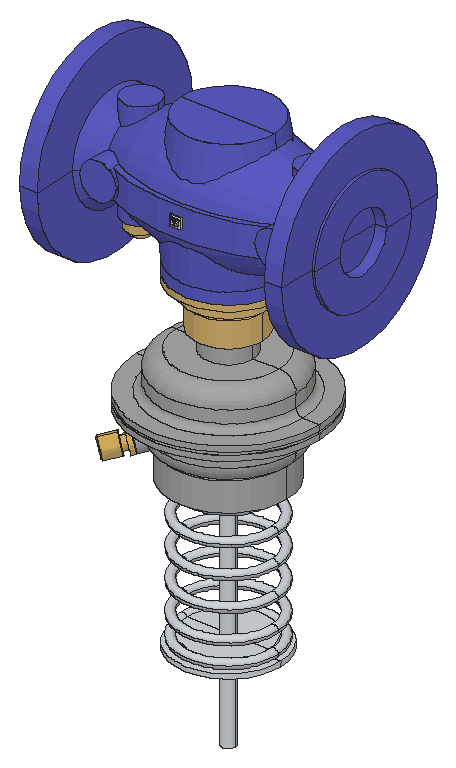
Revit family "Differenzdruckregler F_4007_HT_50-150kPa", category Rohrzubehör, Revit 2020
Family settings
  Bemaßung runder Anschluss = Durchmesser verwenden
  Teiletyp = Unterbricht
  OmniClass-Nummer = 23.65.55.14
  OmniClass-Titel = Valves for Liquid Services
  Arbeitsebenenbasiert = Nein
  Immer vertikal = Ja
  Beim Laden mit Abzugskörper schneiden = Nein
  Gemeinsam genutzt = Nein
Parameters
  Vorgabe-Ansicht = 0 mm
  Min. Betriebstemperatur (Frostschutz) = -10 °C  # constant formula
  Min. Betriebstemperatur = 2 °C  # constant formula
  Max. Betriebsdruck = 1600000.0 Pa  # constant formula
  Max. Betriebstemperatur = 150 °C  # constant formula
  URL = "www.herz-armaturen.at"
  Sollwertfeder = "EN 10270-1-SH"  # constant formula
  SCRNSEQ = "ARM;ARM_TYP=\"DIFR\";2"
  SCRNCODE = "05;03;02"  # constant formula
  S02 [instance] = H03 + H13  # 122 mm
  S01 [instance] = (2 * H02) + (2 * H04) + H05  # 72.7 mm
  R99 = 14 mm  # constant formula
  R98 = 6 mm  # constant formula
  R97 = 2 mm  # constant formula
  R02 = 15.5 mm  # constant formula
  R01 [instance] = size_lookup("4007_F_HT50-150", "R1", 45.5 mm, Nennweite)  # 45.5 mm
  R00 [instance] = size_lookup("4007_F_HT50-150", "R", 53 mm, Nennweite)  # 53 mm
  Nennweite [instance] = 50 mm
  Membrane und O-RInge = "EPDM"  # constant formula
  Medium = "Die Verwendung von Ethylen- und Propylenglykol ist im Mischungsverhältnis 25 - 50 % zulässig. Heizwasserqualität entsprechend ÖNORM H 5195 bzw. VDI-Richtlinie 2035"
  L05 [instance] = L04 - 6.3 mm  # 74.7 mm
  L04 [instance] = size_lookup("4007_F_HT50-150", "L4", 81 mm, Nennweite)  # 81 mm
  L03 = 10 mm  # constant formula
  L02 [instance] = size_lookup("4007_F_HT50-150", "L2", 15 mm, Nennweite)  # 15 mm
  L01 = 3 mm  # constant formula
  L00 [instance] = size_lookup("4007_F_HT50-150", "L", 115 mm, Nennweite)  # 115 mm
  Hersteller = "HERZ Armaturen Ges.m.b.H."  # constant formula
  H19 [instance] = size_lookup("4007_F_HT50-150", "H19", 9 mm, Nennweite)  # 424 mm
  H18 [instance] = H19 - 75 mm  # 349 mm
  H17 = 6 mm  # constant formula
  H16 = 10 mm  # constant formula
  H15 = 24.5 mm  # constant formula
  H14 = 5 mm  # constant formula
  H13 = 17 mm  # constant formula
  H12 [instance] = R00 + 4 mm  # 57 mm
  H11 [instance] = R00 + 10 mm  # 63 mm
  H10 = 5 mm  # constant formula
  H09 [instance] = size_lookup("4007_F_HT50-150", "H9", 9 mm, Nennweite)  # 9 mm
  H08 = 21 mm  # constant formula
  H07 [instance] = R00 + 23.4 mm  # 76.4 mm
  H06 [instance] = D12 + 15 mm  # 45.5 mm
  H05 = 2.5 mm  # constant formula
  H04 = 4.6 mm  # constant formula
  H03 [instance] = H08 + H09 + H10 + H11 + H14 + R97  # 105 mm
  H02 [instance] = size_lookup("4007_F_HT50-150", "H2", 30.5 mm, Nennweite)  # 30.5 mm
  H01 [instance] = size_lookup("4007_F_HT50-150", "H1", 210 mm, Nennweite)  # 205 mm
  Gehäuse = "Grauguss GJL250 nach EN 1561"  # constant formula
  Differenzdruck Einstellbereich = "50-150 kPa"  # constant formula
  DN65 [instance] = Nennweite = 65 mm  # no
  DN50 [instance] = Nennweite = 50 mm  # yes
  D17 = 6 mm  # constant formula
  D16 = 45 mm  # constant formula
  D15 = 35 mm  # constant formula
  D14 = 50 mm  # constant formula
  D13 [instance] = D11 + 10 mm  # 50 mm
  D12 [instance] = R01 - 15 mm  # 30.5 mm
  D11 [instance] = size_lookup("4007_F_HT50-150", "D11", 40 mm, Nennweite)  # 40 mm
  D10 [instance] = D11 + 5 mm  # 45 mm
  D09 [instance] = D11 - 5 mm  # 35 mm
  D08 = 24 mm  # constant formula
  D07 = 29.5 mm  # constant formula
  D06 [instance] = size_lookup("4007_F_HT50-150", "D6", 51 mm, Nennweite)  # 57.8 mm
  D05 [instance] = D04 - 1 mm  # 77 mm
  D04 [instance] = size_lookup("4007_F_HT50-150", "D4", 51 mm, Nennweite)  # 78 mm
  D03 = 21 mm  # constant formula
  D02 [instance] = Nennweite / 2  # 25 mm
  D01 [instance] = size_lookup("4007_F_HT50-150", "D1", 51 mm, Nennweite)  # 51 mm
  D00 [instance] = size_lookup("4007_F_HT50-150", "D", 82.5 mm, Nennweite)  # 82.5 mm
  Bestellnummer [instance] = if(Nennweite = 50 mm, "F400756", if(Nennweite = 65 mm, "F400757", "0"))  # "F400756"
  Ausführung = "Der Differenzdruckregler ist ein Proportionalregler in Geradsitzausführung und arbeitet ohne Hilfsenergie für Zweirohranlagen. Der gewünschte Differenzdruck- Sollwert kann zwischen 50 und 150 kPa stufenlos eingestellt werden."
  Anwendung = "Für Heizungs- und Kühlanlagen um den Differenzdruck innerhalb des regeltechnischen Bereiches konstant zu halten."
  Anschlussflansch = "EN 1092-2"  # constant formula
Reference planes
  plane 1 "Mitte (Vorne/hinten)": y = 0
  plane 2: z = -0.015
  plane 3 "Mitte (Links/rechts)": x = 0
Forms (mm)
  Revolve 1, solid, material "Herz-Marineblau", detail levels fine
    sketch origin (1065, 0, 0) x (1, 0, 0) y (0, 1, 0)
      loop
        line (-1177, 82.5) -> (-1177, 51) -> (-1180, 51) -> (-1180, 25) -> (-1170, 25) -> (-1170, 0) -> (-960, 0) -> (-960, 25) -> (-950, 25) -> (-950, 51) -> (-953, 51) -> (-953, 82.5) -> (-968, 82.5) -> (-968, 45.5) -> (-984, 30.5)
        arc (-984, 30.5) -> (-1065, 53) -> (-1146, 30.5) r 157.05
        line (-1146, 30.5) -> (-1162, 45.5) -> (-1162, 82.5) -> (-1177, 82.5)
      axis (-1180, 0) -> (-950, 0)
    angle from 0 to 360
  Extrusion 2, solid, material "Herz-Marineblau", detail levels fine
    sketch origin (0, 0, 0) x (1, 0, 0) y (0, 1, 0)
      loop
        circle (-74.7, 0) r 15.5
      loop
        circle (74.7, 0) r 15.5
    from -45.515 to 45.485
  Extrusion 3, solid, material "Herz-Marineblau", detail levels fine
    sketch origin (0, 0, 0) x (-1, 0, 0) y (0, 0, -1)
      loop
        circle (74.7, 0) r 15.5
      loop
        circle (-74.7, 0) r 15.5
    from -45.5 to 45.5
  Revolve 4, solid, material "Herz-Marineblau", detail levels fine
    sketch origin (92.737, 0, -45.97) x (1, 0, 0) y (0, 0, 1)
      loop
        line (-92.737, 102.955) -> (-92.737, -17.045) -> (-47.737, -17.045) -> (-47.737, -7.045) -> (-42.737, 45.97) -> (-52.737, 102.955) -> (-92.737, 102.955)
      axis (-92.737, 102.955) -> (-92.737, -17.045)
    angle from 0 to 360
  Revolve 5, solid, material "Messing", detail levels fine
    sketch origin (446.725, 0, 35.707) x (1, 0, 0) y (0, 0, 1)
      loop
        line (-446.725, -98.722) -> (-446.725, -140.722) -> (-417.225, -140.722) -> (-417.225, -119.722) -> (-422.725, -119.722) -> (-422.725, -114.722) -> (-411.725, -114.722) -> (-411.725, -105.722)
        arc (-411.725, -105.722) -> (-411.14, -104.308) -> (-409.725, -103.722) r 2
        line (-409.725, -103.722) -> (-401.725, -103.722) -> (-401.725, -98.722) -> (-446.725, -98.722)
      axis (-446.725, -140.722) -> (-446.725, -98.722)
    angle from 0 to 360
  Revolve 6, solid, material "Aluminium", detail levels fine
    sketch origin (925.114, 0, 19.41) x (1, 0, 0) y (0, 0, 1)
      loop
        line (-925.114, -124.425) -> (-925.114, -238.625) -> (-875.114, -238.625) -> (-875.114, -214.125) -> (-881.314, -214.125)
        arc (-881.314, -214.125) -> (-871.414, -210.025) -> (-867.314, -200.125) r 14
        line (-867.314, -200.125) -> (-867.314, -189.625)
        arc (-867.314, -189.625) -> (-865.556, -185.383) -> (-861.314, -183.625) r 6
        line (-861.314, -183.625) -> (-847.114, -183.625) -> (-847.114, -179.025) -> (-848.114, -179.025) -> (-848.114, -176.525) -> (-847.114, -176.525) -> (-847.114, -171.925) -> (-861.314, -171.925)
        arc (-861.314, -171.925) -> (-865.556, -170.168) -> (-867.314, -165.925) r 6
        line (-867.314, -165.925) -> (-867.314, -155.425)
        arc (-867.314, -155.425) -> (-871.414, -145.526) -> (-881.314, -141.425) r 14
        line (-881.314, -141.425) -> (-904.114, -141.425) -> (-904.114, -124.425) -> (-925.114, -124.425)
      axis (-925.114, -124.425) -> (-925.114, -238.625)
    angle from 0 to 360
  Extrusion 7, solid, material "Herz-Marineblau", visible <- "DN50", detail levels fine
    sketch origin (0, 0, 0) x (1, 0, 0) y (0, 1, 0)
      loop
        arc (-74.7, -37.498) -> (0, -56) -> (74.7, -37.498) r 160.05
        line (74.7, -37.498) -> (74.7, 37.498)
        arc (74.7, 37.498) -> (0, 56) -> (-74.7, 37.498) r 160.05
        line (-74.7, 37.498) -> (-74.7, -37.498)
    from -12.5 to 12.5
  Extrusion 8, solid, material "Herz-Marineblau", visible <- "DN65", detail levels fine
    sketch origin (0, 0, 0) x (1, 0, 0) y (0, 1, 0)
      loop
        arc (-104.7, -46.589) -> (0, -68) -> (104.7, -46.589) r 266.699
        line (104.7, -46.589) -> (104.7, 46.589)
        arc (104.7, 46.589) -> (0, 68) -> (-104.7, 46.589) r 266.699
        line (-104.7, 46.589) -> (-104.7, -46.589)
    from -12.5 to 12.5
  Revolve 9, solid, detail levels fine
    sketch origin (0, 0, 0) x (1, 0, 0) y (0, 0, 1)
      loop
        line (0, -349.015) -> (45, -349.015) -> (45, -345.015) -> (35, -345.015) -> (35, -339.015) -> (0, -339.015) -> (0, -349.015)
      axis (0, -339.015) -> (0, -349.015)
    angle from 0 to 360
  Revolve 10, solid, detail levels fine
    sketch origin (0, 0, 0) x (1, 0, 0) y (0, 0, 1)
      loop
        line (0, -214.615) -> (0, -424.015) -> (6, -424.015) -> (6, -214.615) -> (0, -214.615)
      axis (0, -214.615) -> (0, -424.015)
    angle from 0 to 360
  Sweep 11, solid, visible <- "DN50", detail levels fine
    path in 3D
      loop
        arc (-39, 0, -222.715) -> (0, -39, -222.715) -> (39, 0, -222.715) r 39
        arc (39, 0, -222.715) -> (0, 39, -222.715) -> (-39, 0, -222.715) r 39
    profile origin (0, 39, -222.715) x (0, -1, 0) y (0, 0, 1)
      loop
        circle (0, 0) r 3.5
  Sweep 12, solid, visible <- "DN65", detail levels fine
    path in 3D
      loop
        arc (-39, 0, -234.715) -> (0, -39, -234.715) -> (39, 0, -234.715) r 39
        arc (39, 0, -234.715) -> (0, 39, -234.715) -> (-39, 0, -234.715) r 39
    profile origin (0, 39, -234.715) x (0, -1, 0) y (0, 0, 1)
      loop
        circle (0, 0) r 3.5
  Sweep 13, solid, visible <- "DN50", detail levels fine
    path in 3D
      loop
        arc (-39, 0, -247.715) -> (0, -39, -247.715) -> (39, 0, -247.715) r 39
        arc (39, 0, -247.715) -> (0, 39, -247.715) -> (-39, 0, -247.715) r 39
    profile origin (0, 39, -247.715) x (0, -1, 0) y (0, 0, 1)
      loop
        circle (0, 0) r 3.5
  Sweep 14, solid, visible <- "DN50", detail levels fine
    path in 3D
      loop
        arc (-39, 0, -272.715) -> (0, -39, -272.715) -> (39, 0, -272.715) r 39
        arc (39, 0, -272.715) -> (0, 39, -272.715) -> (-39, 0, -272.715) r 39
    profile origin (0, 39, -272.715) x (0, -1, 0) y (0, 0, 1)
      loop
        circle (0, 0) r 3.5
  Sweep 15, solid, visible <- "DN50", detail levels fine
    path in 3D
      loop
        arc (-39, 0, -297.715) -> (0, -39, -297.715) -> (39, 0, -297.715) r 39
        arc (39, 0, -297.715) -> (0, 39, -297.715) -> (-39, 0, -297.715) r 39
    profile origin (0, 39, -297.715) x (0, -1, 0) y (0, 0, 1)
      loop
        circle (0, 0) r 3.5
  Sweep 16, solid, visible <- "DN50", detail levels fine
    path in 3D
      loop
        arc (-39, 0, -322.715) -> (0, -39, -322.715) -> (39, 0, -322.715) r 39
        arc (39, 0, -322.715) -> (0, 39, -322.715) -> (-39, 0, -322.715) r 39
    profile origin (0, 39, -322.715) x (0, -1, 0) y (0, 0, 1)
      loop
        circle (0, 0) r 3.5
  Sweep 17, solid, visible <- "DN50", detail levels fine
    path in 3D
      loop
        arc (-39, 0, -340.715) -> (0, -39, -340.715) -> (39, 0, -340.715) r 39
        arc (39, 0, -340.715) -> (0, 39, -340.715) -> (-39, 0, -340.715) r 39
    profile origin (0, 39, -340.715) x (0, -1, 0) y (0, 0, 1)
      loop
        circle (0, 0) r 3.5
  Sweep 18, solid, visible <- "DN65", detail levels fine
    path in 3D
      loop
        arc (-39, 0, -259.715) -> (0, -39, -259.715) -> (39, 0, -259.715) r 39
        arc (39, 0, -259.715) -> (0, 39, -259.715) -> (-39, 0, -259.715) r 39
    profile origin (0, 39, -259.715) x (0, -1, 0) y (0, 0, 1)
      loop
        circle (0, 0) r 3.5
  Sweep 19, solid, visible <- "DN65", detail levels fine
    path in 3D
      loop
        arc (-39, 0, -284.715) -> (0, -39, -284.715) -> (39, 0, -284.715) r 39
        arc (39, 0, -284.715) -> (0, 39, -284.715) -> (-39, 0, -284.715) r 39
    profile origin (0, 39, -284.715) x (0, -1, 0) y (0, 0, 1)
      loop
        circle (0, 0) r 3.5
  Sweep 20, solid, visible <- "DN65", detail levels fine
    path in 3D
      loop
        arc (-39, 0, -309.715) -> (0, -39, -309.715) -> (39, 0, -309.715) r 39
        arc (39, 0, -309.715) -> (0, 39, -309.715) -> (-39, 0, -309.715) r 39
    profile origin (0, 39, -309.715) x (0, -1, 0) y (0, 0, 1)
      loop
        circle (0, 0) r 3.5
  Sweep 21, solid, visible <- "DN65", detail levels fine
    path in 3D
      loop
        arc (-39, 0, -334.715) -> (0, -39, -334.715) -> (39, 0, -334.715) r 39
        arc (39, 0, -334.715) -> (0, 39, -334.715) -> (-39, 0, -334.715) r 39
    profile origin (0, 39, -334.715) x (0, -1, 0) y (0, 0, 1)
      loop
        circle (0, 0) r 3.5
  Sweep 22, solid, visible <- "DN65", detail levels fine
    path in 3D
      loop
        arc (-39, 0, -341.715) -> (0, -39, -341.715) -> (39, 0, -341.715) r 39
        arc (39, 0, -341.715) -> (0, 39, -341.715) -> (-39, 0, -341.715) r 39
    profile origin (0, 39, -341.715) x (0, -1, 0) y (0, 0, 1)
      loop
        circle (0, 0) r 3.5
  Revolve 23, solid, material "Messing, weicher Gelbton, geschweißt", visible <- "DN50", detail levels fine
    sketch origin (4.769, 5.029, 17.574) x (-0.707107, -0.707107, 0) y (0, 0, -1)
      loop
        line (70.524, 205.006) -> (72.604, 195.224) -> (76.516, 196.056) -> (75.643, 200.164) -> (80.534, 201.204) -> (81.133, 198.384) -> (94.817, 201.293) -> (95.511, 202.887) -> (94, 209.996) -> (70.524, 205.006)
      axis (94, 209.996) -> (70.524, 205.006)
    angle from 0 to 360
  Revolve 24, solid, material "Aluminium", visible <- "DN50", detail levels fine
    sketch origin (-31.293, -31.034, 6.734) x (-0.707107, -0.707107, 0) y (0, 0, -1)
      loop
        line (19.524, 194.165) -> (-44.055, 180.651) -> (-42.08, 171.359) -> (21.5, 184.873) -> (19.524, 194.165)
      axis (-44.055, 180.651) -> (19.524, 194.165)
    angle from 0 to 360
  Revolve 25, solid, material "Messing, weicher Gelbton, geschweißt", visible <- "DN65", detail levels fine
    sketch origin (4.769, 5.029, 5.574) x (-0.707107, -0.707107, 0) y (0, 0, -1)
      loop
        line (70.524, 205.006) -> (72.604, 195.224) -> (76.516, 196.056) -> (75.643, 200.164) -> (80.534, 201.204) -> (81.133, 198.384) -> (94.817, 201.293) -> (95.511, 202.887) -> (94, 209.996) -> (70.524, 205.006)
      axis (94, 209.996) -> (70.524, 205.006)
    angle from 0 to 360
  Revolve 26, solid, material "Aluminium", visible <- "DN65", detail levels fine
    sketch origin (-31.293, -31.034, -5.266) x (-0.707107, -0.707107, 0) y (0, 0, -1)
      loop
        line (19.524, 194.165) -> (-44.055, 180.651) -> (-42.08, 171.359) -> (21.5, 184.873) -> (19.524, 194.165)
      axis (-44.055, 180.651) -> (19.524, 194.165)
    angle from 0 to 360
  Revolve 27, solid, material "Messing, weicher Gelbton, geschweißt", detail levels fine
    sketch origin (30, 0, 10) x (1, 0, 0) y (0, 0, 1)
      loop
        line (-104.7, -55.515) -> (-116.7, -55.515) -> (-116.7, -64.515) -> (-113.7, -64.515) -> (-113.7, -68.015) -> (-104.7, -68.015) -> (-104.7, -55.515)
      axis (-104.7, -68.015) -> (-104.7, -55.515)
    angle from 0 to 360
  Revolve 28, solid, material "Messing, weicher Gelbton, geschweißt", detail levels fine
    sketch origin (-30, 0, 10) x (-1, 0, 0) y (0, 0, -1)
      loop
        line (-104.7, 55.515) -> (-104.7, 68.015) -> (-113.7, 68.015) -> (-113.7, 64.515) -> (-116.7, 64.515) -> (-116.7, 55.515) -> (-104.7, 55.515)
      axis (-104.7, 68.015) -> (-104.7, 55.515)
    angle from 0 to 360
Lines and regions (mm)
  model lines, detail levels coarse+medium
    curve 1: line (-115, 0, 82.485) -> (-115, 0, -82.515)
    curve 2: line (-115, 0, -82.515) -> (115, 0, 82.485)
    curve 3: line (115, 0, 82.485) -> (115, 0, -82.515)
    curve 4: line (115, 0, -82.515) -> (-115, 0, 82.485)
    curve 5: line (-57.5, 0, -41.265) -> (0, 0, -82.515)
    curve 6: line (0, 0, -82.515) -> (57.5, 0, -41.265)
    curve 7: line (0, 0, -82.515) -> (0, 0, -122.015)
    curve 8: spline (-78, 0, -158.365) -> (-75.342, 0, -148.957) -> (-67.55, 0, -140.19) -> (-55.154, 0, -132.662) -> (-39, 0, -126.885) -> (-20.188, 0, -123.254) -> (0, 0, -122.015) -> (20.188, 0, -123.254) -> (39, 0, -126.885) -> (55.154, 0, -132.662) -> (67.55, 0, -140.19) -> (75.342, 0, -148.957) -> (78, 0, -158.365) -> (75.342, 0, -167.773) -> (67.55, 0, -176.54) -> (55.154, 0, -184.069) -> (39, 0, -189.845) -> (20.188, 0, -193.477) -> (0, 0, -194.715) -> (-20.188, 0, -193.477) -> (-39, 0, -189.845) -> (-55.154, 0, -184.069) -> (-67.55, 0, -176.54) -> (-75.342, 0, -167.773) -> (-78, 0, -158.365)
    curve 9: line (-115, -82.5, 0) -> (-115, 82.5, 0)
    curve 10: line (-115, 82.5, 0) -> (115, -82.5, 0)
    curve 11: line (115, -82.5, 0) -> (115, 82.5, 0)
    curve 12: line (115, 82.5, 0) -> (-115, -82.5, 0)
    curve 13: line (-57.5, -41.25, 0) -> (0, -82.5, 0)
    curve 14: line (0, -82.5, 0) -> (57.5, -41.25, 0)
    curve 15: line (0, -82.5, 0) -> (0, -122, 0)
    curve 16: spline (-78, -158.35, 0) -> (-75.342, -148.942, 0) -> (-67.55, -140.175, 0) -> (-55.154, -132.647, 0) -> (-39, -126.87, 0) -> (-20.188, -123.239, 0) -> (0, -122, 0) -> (20.188, -123.239, 0) -> (39, -126.87, 0) -> (55.154, -132.647, 0) -> (67.55, -140.175, 0) -> (75.342, -148.942, 0) -> (78, -158.35, 0) -> (75.342, -167.758, 0) -> (67.55, -176.525, 0) -> (55.154, -184.053, 0) -> (39, -189.83, 0) -> (20.188, -193.461, 0) -> (0, -194.7, 0) -> (-20.188, -193.461, 0) -> (-39, -189.83, 0) -> (-55.154, -184.053, 0) -> (-67.55, -176.525, 0) -> (-75.342, -167.758, 0) -> (-78, -158.35, 0)
  sketch lines
    curve 17: circle (0, 0, -222.715) r 39 normal (0, 0, 1)
    curve 19: circle (0, 0, -234.715) r 39 normal (0, 0, 1)
    curve 22: circle (0, 0, -247.715) r 39 normal (0, 0, 1)
    curve 23: circle (0, 0, -272.715) r 39 normal (0, 0, 1)
    curve 24: circle (0, 0, -297.715) r 39 normal (0, 0, 1)
    curve 25: circle (0, 0, -322.715) r 39 normal (0, 0, 1)
    curve 26: circle (0, 0, -340.715) r 39 normal (0, 0, 1)
    curve 27: circle (0, 0, -259.715) r 39 normal (0, 0, 1)
    curve 28: circle (0, 0, -284.715) r 39 normal (0, 0, 1)
    curve 29: circle (0, 0, -309.715) r 39 normal (0, 0, 1)
    curve 30: circle (0, 0, -334.715) r 39 normal (0, 0, 1)
    curve 31: circle (0, 0, -341.715) r 39 normal (0, 0, 1)
  model lines, visible <- "DN50", detail levels coarse+medium
    curve 18: line (-39, 0, -219.215) -> (39, 0, -219.215)
  model lines, visible <- "DN65", detail levels fine
    curve 20: line (-39, 0, -231.215) -> (39, 0, -231.215)
  model lines, not visible, detail levels fine
    curve 21: line (-39, 0, -238.215) -> (39, 0, -238.215)
Dimensions and locks
  "H06": Extrusion 3 to plane 1 "Mitte (Vorne/hinten)" to Extrusion 3  (x2)
  "L02": Revolve 1 sketch curve to Revolve 1 sketch curve  (x2)
  "L01": Revolve 1 sketch curve to Revolve 1 sketch curve  (x2)
  "L00": Revolve 1 sketch curve to plane 3 "Mitte (Links/rechts)" to Revolve 1 sketch curve
  "L03": Revolve 1 sketch curve to Revolve 1 sketch curve  (x2)
  "D02": plane 1 "Mitte (Vorne/hinten)" to Revolve 1 sketch curve  (x2)
  "L04": plane 3 "Mitte (Links/rechts)" to Revolve 1 sketch curve
  "R01": plane 1 "Mitte (Vorne/hinten)" to Revolve 1 sketch curve
  "D01": plane 1 "Mitte (Vorne/hinten)" to Revolve 1 sketch curve  (x2)
  "D00": plane 1 "Mitte (Vorne/hinten)" to Revolve 1 sketch curve  (x2)
  "H06": Extrusion 2 to plane 2 to Extrusion 2  (x2)
  "L04": Revolve 1 sketch curve to plane 3 "Mitte (Links/rechts)"
  "R00": Revolve 1 sketch curve to Revolve 1 sketch curve
  "R01": Revolve 1 sketch curve to Revolve 1 sketch curve
  "D05": Revolve 6 sketch curve to Revolve 6 sketch curve
  "D04": Revolve 6 sketch curve to Revolve 6 sketch curve  (x2)
  "H04": Revolve 6 sketch curve to Revolve 6 sketch curve  (x2)
  "H05": Revolve 6 sketch curve to Revolve 6 sketch curve
  "H02": Revolve 6 sketch curve to Revolve 6 sketch curve  (x2)
  "H03": plane 2 to Revolve 6 sketch curve
  "D06": Revolve 6 sketch curve to Revolve 6 sketch curve
  "D03": Revolve 6 sketch curve to Revolve 6 sketch curve
  "D07": Revolve 5 sketch curve to Revolve 5 sketch curve
  "D08": Revolve 5 sketch curve to Revolve 5 sketch curve
  "H08": Revolve 5 sketch curve to Revolve 5 sketch curve
  "D09": Revolve 5 sketch curve to Revolve 5 sketch curve
  "D10": Revolve 5 sketch curve to Revolve 5 sketch curve
  "H10": Revolve 5 sketch curve to Revolve 5 sketch curve
  "H11": plane 2 to Revolve 4 sketch curve
  "H11": plane 2 to Revolve 5 sketch curve
  "D10": Revolve 4 sketch curve to Revolve 4 sketch curve
  "H12": Revolve 4 sketch curve to plane 2
  "L05": Extrusion 2 sketch curve to plane 3 "Mitte (Links/rechts)"
  "L05": plane 3 "Mitte (Links/rechts)" to Extrusion 2 sketch curve
  "L05": plane 3 "Mitte (Links/rechts)" to Extrusion 3 sketch curve
  "L05": Extrusion 3 sketch curve to plane 3 "Mitte (Links/rechts)"
  "D12": Revolve 1 sketch curve to Revolve 1 sketch curve  (x2)
  "D06": plane 3 "Mitte (Links/rechts)" to Revolve 6 sketch curve
  "R00": plane 2 to Revolve 4 sketch curve
  "D11": Revolve 4 sketch curve to Revolve 4 sketch curve
  "D13": Revolve 4 sketch curve to Revolve 4 sketch curve
  "H13": Revolve 6 sketch curve to Revolve 6 sketch curve
  "H14": Revolve 5 sketch curve to Revolve 5 sketch curve
  "H09": Revolve 5 sketch curve to Revolve 5 sketch curve
  "H03": plane 2 to Revolve 5 sketch curve
  "D14": Revolve 6 sketch curve to plane 3 "Mitte (Links/rechts)"
  "H15": Revolve 6 sketch curve to Revolve 6 sketch curve
  "H16": Revolve 9 sketch curve to Revolve 9 sketch curve
  "D15": Revolve 9 sketch curve to Revolve 9 sketch curve
  "D16": Revolve 9 sketch curve to Revolve 9 sketch curve
  "H17": Revolve 9 sketch curve to Revolve 9 sketch curve
  "D17": Revolve 10 sketch curve to Revolve 10 sketch curve
  "L00": curve 1 to plane 3 "Mitte (Links/rechts)" to curve 3
  "D00": curve 4 to plane 2 to curve 2
  "D00": curve 3 to plane 2 to curve 4
  equal spacing: plane 3 "Mitte (Links/rechts)", curve 5, curve 2
  equal spacing: curve 4, curve 6, plane 3 "Mitte (Links/rechts)"
  "D00": plane 2 to curve 6
  "S02": plane 2 to curve 7
  "S01": curve 8 to curve 8
  "D04": plane 3 "Mitte (Links/rechts)" to curve 8
  "S02": plane 2 to curve 8
  "L00": curve 9 to plane 3 "Mitte (Links/rechts)" to curve 11
  "D00": curve 12 to plane 1 "Mitte (Vorne/hinten)" to curve 10
  "D00": curve 11 to plane 1 "Mitte (Vorne/hinten)" to curve 12
  equal spacing: plane 3 "Mitte (Links/rechts)", curve 13, curve 12
  equal spacing: plane 3 "Mitte (Links/rechts)", curve 14, curve 11
  "D00": curve 14 to plane 1 "Mitte (Vorne/hinten)"
  "S02": curve 15 to plane 1 "Mitte (Vorne/hinten)"
  "S01": curve 16 to curve 16
  "D04": curve 16 to plane 3 "Mitte (Links/rechts)"
  "S02": curve 16 to plane 1 "Mitte (Vorne/hinten)"
  "H18": plane 2 to Revolve 9 sketch curve
  "H19": plane 2 to Revolve 10 sketch curve
  Revolve 27 sketch curve to Revolve 27 sketch curve = 9 mm  (x2)
  Revolve 27 sketch curve to Revolve 27 sketch curve = 12.5 mm
  Revolve 27 sketch curve to Revolve 27 sketch curve = 12 mm
  "H06": plane 2 to Revolve 27 sketch curve
  "L05": plane 3 "Mitte (Links/rechts)" to Revolve 27 sketch curve
  Revolve 28 sketch curve to Revolve 28 sketch curve = 9 mm  (x2)
  Revolve 28 sketch curve to Revolve 28 sketch curve = 12.5 mm
  Revolve 28 sketch curve to Revolve 28 sketch curve = 12 mm
  "L05": Revolve 28 sketch curve to plane 3 "Mitte (Links/rechts)"
  "H06": plane 2 to Revolve 28 sketch curve
  "R99": radius of Revolve 6 sketch curve  (x2)
  "R98": radius of Revolve 6 sketch curve  (x2)
  "R02": radius of Extrusion 2 sketch curve  (x2)
  "R02": radius of Extrusion 3 sketch curve  (x2)
  "R97": radius of Revolve 5 sketch curve
  aligned and locked: level to plane 2
Automatic sketch dimensions
  Extrusion 7 sketch curve to plane 3 "Mitte (Links/rechts)" = 0 mm  (x2)
  Extrusion 7 sketch curve to plane 3 "Mitte (Links/rechts)" = 74.7 mm
  Extrusion 7 sketch curve to plane 1 "Mitte (Vorne/hinten)" = 37.498 mm
  plane 3 "Mitte (Links/rechts)" to Extrusion 7 sketch curve = 74.7 mm
  plane 1 "Mitte (Vorne/hinten)" to Extrusion 7 sketch curve = 37.498 mm
  Extrusion 7 sketch curve to Extrusion 7 sketch curve = 66.552 mm  (x2)
  Extrusion 8 sketch curve to plane 3 "Mitte (Links/rechts)" = 0 mm  (x2)
  plane 1 "Mitte (Vorne/hinten)" to Extrusion 8 sketch curve = 46.589 mm
  Extrusion 8 sketch curve to plane 3 "Mitte (Links/rechts)" = 104.7 mm
  Extrusion 8 sketch curve to plane 1 "Mitte (Vorne/hinten)" = 46.589 mm
  plane 3 "Mitte (Links/rechts)" to Extrusion 8 sketch curve = 104.7 mm
  Extrusion 8 sketch curve to Extrusion 8 sketch curve = 152.11 mm  (x2)
  curve 21 to plane 3 "Mitte (Links/rechts)" = 39 mm
  curve 21 to plane 2 = 238.2 mm
  curve 20 to curve 21 = 0 mm  (x2)
  curve 18 to curve 20 = 0 mm  (x2)
  plane 3 "Mitte (Links/rechts)" to curve 20 = 39 mm
  curve 21 to curve 20 = 7 mm
  curve 20 to curve 18 = 12 mm
  Sweep 11 sketch curve to profile plane = 0 mm  (x2)
  Sweep 12 sketch curve to profile plane = 0 mm  (x2)
  Sweep 13 sketch curve to profile plane = 0 mm  (x2)
  Sweep 14 sketch curve to profile plane = 0 mm  (x2)
  Sweep 15 sketch curve to profile plane = 0 mm  (x2)
  Sweep 16 sketch curve to profile plane = 0 mm  (x2)
  Sweep 17 sketch curve to profile plane = 0 mm  (x2)
  Sweep 18 sketch curve to profile plane = 0 mm  (x2)
  Sweep 19 sketch curve to profile plane = 0 mm  (x2)
  Sweep 20 sketch curve to profile plane = 0 mm  (x2)
  Sweep 21 sketch curve to profile plane = 0 mm  (x2)
  Sweep 22 sketch curve to profile plane = 0 mm  (x2)
  Revolve 23 sketch curve to plane 2 = 187.416 mm
  Revolve 23 sketch curve to plane 2 = 177.635 mm
  Revolve 23 sketch curve to Revolve 23 sketch curve = 2.079 mm
  Revolve 23 sketch curve to plane 2 = 182.575 mm
  Revolve 23 sketch curve to Revolve 23 sketch curve = 3.039 mm
  Revolve 23 sketch curve to plane 2 = 183.614 mm
  Revolve 23 sketch curve to plane 2 = 180.795 mm
  Revolve 23 sketch curve to plane 2 = 192.406 mm
  Revolve 23 sketch curve to plane 2 = 183.704 mm
  Revolve 23 sketch curve to plane 2 = 185.297 mm
  Revolve 23 sketch curve to plane 2 = 187.419 mm
  Revolve 23 sketch curve to Revolve 23 sketch curve = 0.015 mm
  Revolve 23 sketch curve to plane 2 = 189.733 mm
  Revolve 23 sketch curve to Revolve 23 sketch curve = 0.89 mm
  Revolve 24 sketch curve to plane 2 = 173.902 mm
  Revolve 24 sketch curve to plane 2 = 164.61 mm
  Revolve 24 sketch curve to Revolve 24 sketch curve = 1.975 mm
  Revolve 24 sketch curve to plane 2 = 187.416 mm
  Revolve 24 sketch curve to plane 2 = 183.266 mm
  Revolve 24 sketch curve to Revolve 24 sketch curve = 19.524 mm
  Revolve 24 sketch curve to plane 2 = 198.257 mm
  Revolve 24 sketch curve to Revolve 24 sketch curve = 51 mm
  Revolve 25 sketch curve to plane 2 = 199.416 mm
  Revolve 25 sketch curve to plane 2 = 189.635 mm
  Revolve 25 sketch curve to Revolve 25 sketch curve = 2.079 mm
  Revolve 25 sketch curve to plane 2 = 194.575 mm
  Revolve 25 sketch curve to Revolve 25 sketch curve = 3.039 mm
  Revolve 25 sketch curve to plane 2 = 195.614 mm
  Revolve 25 sketch curve to plane 2 = 192.795 mm
  Revolve 25 sketch curve to plane 2 = 204.406 mm
  Revolve 25 sketch curve to plane 2 = 195.704 mm
  Revolve 25 sketch curve to plane 2 = 197.297 mm
  Revolve 25 sketch curve to plane 2 = 199.419 mm
  Revolve 25 sketch curve to Revolve 25 sketch curve = 0.015 mm
  Revolve 25 sketch curve to plane 2 = 201.733 mm
  Revolve 25 sketch curve to Revolve 25 sketch curve = 0.89 mm
  Revolve 26 sketch curve to plane 2 = 185.902 mm
  Revolve 26 sketch curve to plane 2 = 176.61 mm
  Revolve 26 sketch curve to Revolve 26 sketch curve = 1.975 mm
  Revolve 26 sketch curve to plane 2 = 199.416 mm
  Revolve 26 sketch curve to plane 2 = 195.266 mm
  Revolve 26 sketch curve to Revolve 26 sketch curve = 19.524 mm
  Revolve 26 sketch curve to plane 2 = 210.257 mm
  Revolve 26 sketch curve to Revolve 26 sketch curve = 51 mm
  curve 8 to plane 3 "Mitte (Links/rechts)" = 0 mm
  curve 7 to plane 3 "Mitte (Links/rechts)" = 0 mm
  curve 16 to plane 3 "Mitte (Links/rechts)" = 0 mm
  curve 15 to plane 3 "Mitte (Links/rechts)" = 0 mm
  plane 1 "Mitte (Vorne/hinten)" to Revolve 1 sketch curve = 0 mm  (x2)
  Revolve 1 sketch curve to Revolve 1 sketch curve = 35 mm
  Revolve 1 sketch curve to Revolve 1 sketch curve = 30 mm
  plane 1 "Mitte (Vorne/hinten)" to Extrusion 2 sketch curve = 0 mm  (x2)
  Extrusion 3 sketch curve to level = 0 mm  (x2)
  Revolve 4 sketch curve to plane 3 "Mitte (Links/rechts)" = 0 mm  (x2)
  Revolve 4 sketch curve to level = 0 mm
  Revolve 4 sketch curve to plane 2 = 25.895 mm
  level to Revolve 4 sketch curve = 24.09 mm
  Revolve 5 sketch curve to plane 3 "Mitte (Links/rechts)" = 0 mm  (x2)
  Revolve 5 sketch curve to Revolve 5 sketch curve = 8.988 mm
  Revolve 5 sketch curve to Revolve 5 sketch curve = 0 mm
  Revolve 6 sketch curve to plane 3 "Mitte (Links/rechts)" = 0 mm  (x2)
  Revolve 6 sketch curve to Revolve 6 sketch curve = 0 mm
  Revolve 6 sketch curve to Revolve 6 sketch curve = 9.421 mm
  Revolve 9 sketch curve to plane 3 "Mitte (Links/rechts)" = 0 mm  (x2)
  Revolve 9 sketch curve to plane 2 = 112.329 mm
  level to Revolve 9 sketch curve = 2214.315 mm
  Revolve 10 sketch curve to plane 3 "Mitte (Links/rechts)" = 0 mm  (x2)
  Revolve 10 sketch curve to Revolve 10 sketch curve = 209.4 mm
  Revolve 10 sketch curve to Revolve 10 sketch curve = 17.86 mm
  level to Revolve 10 sketch curve = 2214.315 mm
  Revolve 27 sketch curve to Revolve 27 sketch curve = 0 mm  (x3)
  Revolve 28 sketch curve to Revolve 28 sketch curve = 0 mm  (x3)
  radius of Sweep 11 sketch curve = 3.5 mm
  radius of Sweep 12 sketch curve = 3.5 mm
  radius of Sweep 13 sketch curve = 3.5 mm
  radius of Sweep 14 sketch curve = 3.5 mm
  radius of Sweep 15 sketch curve = 3.5 mm
  radius of Sweep 16 sketch curve = 3.5 mm
  radius of Sweep 17 sketch curve = 3.5 mm
  radius of Sweep 18 sketch curve = 3.5 mm
  radius of Sweep 19 sketch curve = 3.5 mm
  radius of Sweep 20 sketch curve = 3.5 mm
  radius of Sweep 21 sketch curve = 3.5 mm
  radius of Sweep 22 sketch curve = 3.5 mm
Nested families
  nested 1: "Herz-Logo-vorne" at (-0.018, -56, 0) x (0, 1, 0) z (0, 0, 1), visible <- "DN50", type "Herz-Logo-vorne", detail levels fine
  nested 2: "Herz-Logo-vorne" at (-0.018, -67.982, 0) x (0, 1, 0) z (0, 0, 1), visible <- "DN65", type "Herz-Logo-vorne", detail levels fine
Connectors
  piping at (-115, 0, 0), diameter 50, driven by "Nennweite"
    settings: on Revolve 1, index 1, connector inside diameter 609.6 mm, connector length 0 mm, flow factor 0, pipe flow 0.0 L/s, pressure drop 0.0 Pa, fitting loss kfactor 0, connector angle 0.00°, fixture units 0, engagement length 0 mm, angle of deflection 0.00°, flow configuration 0, flow direction 2, fitting loss method 0, system type 29, joint type 0, gender type 0, connector reference index -1, connector utility 0, adjustable connector no, is connector primary yes, connector description ""
  piping at (115, 0, 0), diameter 50, driven by "Nennweite"
    settings: on Revolve 1, index 2, connector inside diameter 609.6 mm, connector length 0 mm, flow factor 0, pipe flow 0.0 L/s, pressure drop 0.0 Pa, fitting loss kfactor 0, connector angle 0.00°, fixture units 0, engagement length 0 mm, angle of deflection 0.00°, flow configuration 0, flow direction 1, fitting loss method 0, system type 29, joint type 0, gender type 0, connector reference index -1, connector utility 0, adjustable connector no, is connector primary no, connector description ""
Definition of nested family "Herz-Logo-vorne"
  Parameters (values of type "Herz-Logo-vorne")
    Default Elevation = 0 mm
  Reference planes
    plane 1 "Mitte (Vorne/hinten)": y = 0
    plane 2: z = 0
    plane 3 "Mitte (Links/rechts)": x = 0
  Forms (mm)
    Extrusion 1, solid
      sketch origin (0.732, -0.018, 0.017) x (0, -1, 0) y (0, 0, 1)
        loop
          line (-0.018, -4.517) -> (4.482, -4.517) -> (4.482, 4.483) -> (-4.518, 4.483) -> (-4.518, -4.517) -> (-0.018, -4.517)
        loop
          line (-0.05, -3.48) -> (3.482, -3.48) -> (3.482, 3.483) -> (-3.518, 3.483) -> (-3.518, -3.48) -> (-0.05, -3.48)
        loop
          arc (-0.018, 2.383) -> (-1.543, 3.287) -> (-3.067, 2.383) r 1.738
          arc (-3.067, 2.383) -> (-3.191, 1.899) -> (-3.067, 1.415) r 1.009
          line (-3.067, 1.415) -> (-0.018, -3.281) -> (3.032, 1.415)
          arc (3.032, 1.415) -> (3.156, 1.899) -> (3.032, 2.383) r 1.009
          arc (3.032, 2.383) -> (1.507, 3.287) -> (-0.018, 2.383) r 1.738
        loop
          arc (1.885, 1.272) -> (2.005, 1.675) -> (1.885, 2.079) r 0.74
          arc (1.885, 2.079) -> (1.265, 2.416) -> (0.644, 2.079) r 0.74
          line (0.644, 2.079) -> (-0.018, 0.97) -> (-0.679, 2.079)
          arc (-0.679, 2.079) -> (-1.3, 2.416) -> (-1.921, 2.079) r 0.74
          arc (-1.921, 2.079) -> (-2.04, 1.675) -> (-1.921, 1.272) r 0.74
          line (-1.921, 1.272) -> (-0.018, -1.658) -> (1.885, 1.272)
      from 0 to 1.5
  Dimensions and locks
    aligned and locked: level to plane 2
